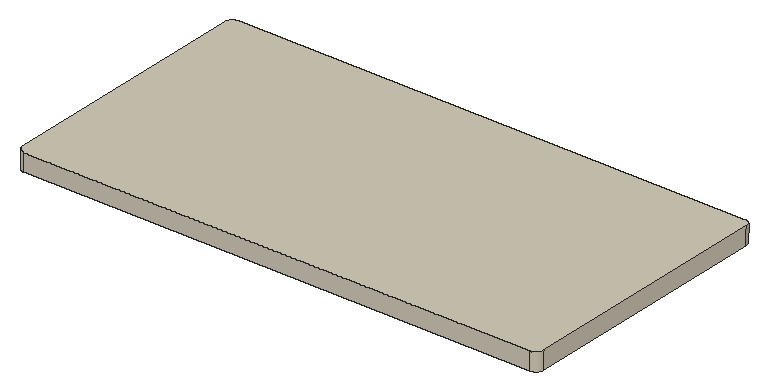
Revit family "Haworth_Patterns_Cushion", category Furniture Systems, Revit 2018
Family settings
  Round Connector Dimension = Use Diameter
  Part Type = Normal
  OmniClass Number = 23.40.70.14.64.21
  OmniClass Title = Systems Furniture
  Work Plane-Based = No
  Always vertical = Yes
  Cut with Voids When Loaded = No
  Shared = No
  Room Calculation Point = No
Parameters (values of type "35w 16-3/4d")
  Width = 35"
  Warranty = "http://www.haworth.com/resources/product-info/warranties"
  URL - Product = "https://www.haworth.com/na/en/products/collaborative-conference/patterns.html"
  Sustainability Info = "http://www.haworth.com/company-info/sustainability"
  Model = "Haworth - Patterns Storage - Accessories - Cushion"  # constant formula
  Description = "Haworth - Patterns Storage - Accessories - Cushion"  # constant formula
  Depth = 16 3/4"
  URL = "https://www.haworth.com/na/en.html"
  Top Thickness = 1 3/16"  # constant formula
  Size = "Verify Final Dim. w/ Haworth"  # constant formula
  Revision Number = "3"  # constant formula
  Mounting Offset [instance] = 24"
  Standard Widths = "16, 30, 36 in."  # constant formula
  Standard Depths = "18, 24, 30 in."  # constant formula
  Min. Width = 16"  # constant formula
  Max. Width = 36"  # constant formula
  Min. Depth = 18"  # constant formula
  Max. Depth = 30"  # constant formula
  Manufacturer = "Haworth"  # constant formula
  Custom Size = not(and(or(Depth = 18", Depth = 24", Depth = 30"), or(Width = 16", Width = 30", Width = 36")))  # yes
  Cushion Finish = Haworth _ Fabric _ Tellure _ Ivory 3A-35
  Author = "SHAPE Environments, LLC"  # constant formula
  Assembly Code = ""
  Actual Width = if(Width > Max. Width, Max. Width, if(Width < Min. Width, Min. Width, Width))  # 35"
  Actual Depth = if(Depth > Max. Depth, Max. Depth, if(Depth < Min. Depth, Min. Depth, Depth))  # 18"
Reference planes (in)
  plane 1 "Storage Top Center F/B": y = 0
  plane 2: z = 0
  plane 3 "Storage Top Center L/R": x = 0
  plane 4 "Left": x = -17.5
  plane 5 "Back": y = 9
  plane 6 "Front": y = -9
  plane 7 "Right": x = 17.5
  plane 8 "Top": z = 25.1875
  plane 9 "Bottom": z = 24
Forms (in)
  Extrusion 1, solid, material "Haworth _ Fabric _ Tellure _ Ivory 3A-35" <- "Cushion Finish"
    sketch origin (-36.03948, -180, 24) x (-1, 0, 0) y (0, -1, 0)
      loop
        arc (-19.03948, -189) -> (-18.68593, -188.85355) -> (-18.53948, -188.5) r 0.5
        line (-18.53948, -188.5) -> (-18.53948, -171.5)
        arc (-18.53948, -171.5) -> (-18.68593, -171.14645) -> (-19.03948, -171) r 0.5
        line (-19.03948, -171) -> (-53.03948, -171)
        arc (-53.03948, -171) -> (-53.39304, -171.14645) -> (-53.53948, -171.5) r 0.5
        line (-53.53948, -171.5) -> (-53.53948, -188.5)
        arc (-53.53948, -188.5) -> (-53.39304, -188.85355) -> (-53.03948, -189) r 0.5
        line (-53.03948, -189) -> (-19.03948, -189)
    from 0 to 1.1875
Lines and regions (in)
  Masking region 1
    outline origin (0, 0, 25.1875) x (-1, 0, 0) y (0, -1, 0)
      loop
        line (17.5, -14.04023) -> (17.5, 8.5)
        arc (17.5, 8.5) -> (17.35355, 8.85355) -> (17, 9) r 0.5
        line (17, 9) -> (-17, 9)
        arc (-17, 9) -> (-17.35355, 8.85355) -> (-17.5, 8.5) r 0.5
        line (-17.5, 8.5) -> (-17.5, -14.04023)
        arc (-17.5, -14.04023) -> (-17.35355, -14.39378) -> (-17, -14.54023) r 0.5
        line (-17, -14.54023) -> (17, -14.54023)
        arc (17, -14.54023) -> (17.35355, -14.39378) -> (17.5, -14.04023) r 0.5
Dimensions and locks (in)
  equal spacing: plane 5 "Back", plane 1 "Storage Top Center F/B", plane 6 "Front"
  "Actual Depth": plane 5 "Back" to plane 6 "Front"
  equal spacing: plane 4 "Left", plane 3 "Storage Top Center L/R", plane 7 "Right"
  "Actual Width": plane 4 "Left" to plane 7 "Right"
  "Mounting Offset": plane 9 "Bottom" to level
  "Top Thickness": plane 8 "Top" to plane 9 "Bottom"
  aligned and locked: plane 5 "Back" to Extrusion 1 sketch curve
  aligned and locked: plane 7 "Right" to Extrusion 1 sketch curve
  aligned and locked: plane 6 "Front" to Extrusion 1 sketch curve
  aligned and locked: plane 4 "Left" to Extrusion 1 sketch curve
  aligned and locked: plane 8 "Top" to Extrusion 1
  aligned and locked: Extrusion 1 to plane 5 "Back"
  aligned and locked: Extrusion 1 to plane 9 "Bottom"
Automatic sketch dimensions
  plane 7 "Right" to Extrusion 1 sketch curve = 1/2"  (x2)
  plane 4 "Left" to Extrusion 1 sketch curve = 1/2"  (x2)
  plane 7 "Right" to Masking region 1 sketch curve = 1/2"  (x2)
  plane 4 "Left" to Masking region 1 sketch curve = 1/2"  (x2)
  Masking region 1 sketch curve to plane 7 "Right" = 0"
  Masking region 1 sketch curve to plane 4 "Left" = 0"
  Masking region 1 sketch curve to plane 6 "Front" = 0"
  Masking region 1 sketch curve to plane 5 "Back" = 5.04023"
